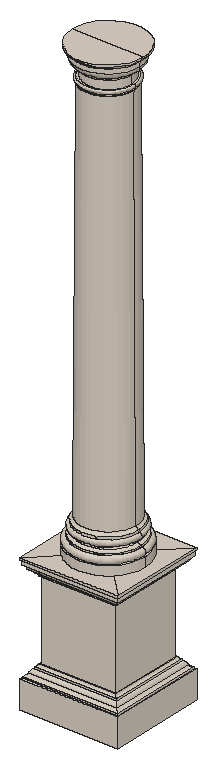
Revit family "Doric Order", category 기둥, Revit 2026
Family settings
  로드될 때 보이드를 사용하여 절단 = 아니오
  자동으로 형상을 벽에 결합합니다 = 예
  공유 = 아니오
  평면도에서 미리 절단된 패밀리 표시 = 예
Parameters (values of type "Base 650 x 650")
  Width = 65 cm
  Material = Masonry - Stone
  제조업체 = "Revit"
  키노트 = "F"
  Depth = 65 cm
Reference planes (cm)
  plane 1 "Centro A/I": y = 0
  plane 2: z = 0
  plane 3 "Centro S/D": x = -0.8378
  plane 4 "Sinistra": x = -33.3378
  plane 5 "Destra": x = 31.6622
  plane 6 "Indietro": y = 32.5
  plane 7 "Avanti": y = -32.5
  plane 8: z = 148
  plane 9: z = 490
  plane 10: y = 0
Forms (cm)
  Sweep 1, solid, material "Masonry - Stone" <- "Material"
    path origin (0, 0, 0) x (1, 0, 0) y (0, 1, 0)
      loop
        line (31.6622, -32.5) -> (31.6622, 32.5) -> (-33.3378, 32.5) -> (-33.3378, -32.5) -> (31.6622, -32.5)
    profile origin (0, 0, 0) x (-1, 0, 0) y (0, 0, 1)
      loop
        line (-1.6622, 0) -> (-1.6622, 119.6816) -> (-42.1622, 119.6816) -> (-42.1622, 117.6816) -> (-41.1622, 117.6816) -> (-41.1622, 113.6738) -> (-38.9043, 113.6738) -> (-38.9043, 112.1738)
        arc (-38.9043, 112.1738) -> (-37.8083, 109.5276) -> (-35.1622, 108.4316) r 3.7422
        line (-35.1622, 108.4316) -> (-35.1622, 106.9316)
        arc (-35.1622, 106.9316) -> (-33.2941, 106.5497) -> (-32.9122, 104.6816) r 1.7298
        line (-32.9122, 104.6816) -> (-31.6622, 104.6816) -> (-31.6622, 35.1816) -> (-32.9122, 35.1816)
        arc (-32.9122, 35.1816) -> (-33.5712, 33.5906) -> (-35.1622, 32.9316) r 2.25
        line (-35.1622, 32.9316) -> (-35.1622, 31.6816)
        arc (-35.1622, 31.6816) -> (-37.0914, 30.415) -> (-38.0772, 28.3283) r 4.2611
        arc (-38.0772, 28.3283) -> (-39.2426, 26.8318) -> (-40.9122, 25.9316) r 4.607
        line (-40.9122, 25.9316) -> (-40.9122, 24.6816) -> (-42.1622, 24.6816) -> (-42.1622, 0) -> (-1.6622, 0)
  Revolve 2, solid, material "Masonry - Stone" <- "Material"
    sketch origin (0, 0, 0) x (1, 0, 0) y (0, 0, 1)
      loop
        line (-0.8378, 149.5) -> (-0.8378, 119.6816) -> (31.6622, 119.6816) -> (31.6622, 127.6816) -> (28.5372, 127.6816)
        arc (28.5372, 127.6816) -> (31.6622, 130.8066) -> (28.5372, 133.9316) r 3.125
        line (28.5372, 133.9316) -> (28.0372, 133.9316) -> (28.0372, 135.1816)
        arc (28.0372, 135.1816) -> (26.1753, 135.6039) -> (24.655, 136.7587) r 4.5094
        arc (24.655, 136.7587) -> (24.5472, 138.2695) -> (25.9095, 138.9316) r 1.3515
        line (25.9095, 138.9316) -> (25.9095, 140.07)
        arc (25.9095, 140.07) -> (28.2153, 142.3758) -> (25.9095, 144.6816) r 2.3058
        line (25.9095, 144.6816) -> (25.9095, 146.6816)
        arc (25.9095, 146.6816) -> (23.9166, 147.5071) -> (23.0911, 149.5) r 2.8184
        line (23.0911, 149.5) -> (-0.8378, 149.5)
      axis (-0.8378, 149.5) -> (-0.8378, 119.6816)
    angle from 0 to 360
  Blend 3, solid, material "Masonry - Stone" <- "Material"
    base sketch origin (0, 0, 0) x (1, 0, 0) y (0, 1, 0)
      loop
        circle (-0.8378, 0) r 24.323
    top sketch origin (0, 0, 0) x (1, 0, 0) y (0, 1, 0)
      loop
        circle (-0.8378, 0) r 22.5092
    from 149.5 to 490
  Revolve 4, solid, material "Masonry - Stone" <- "Material"
    sketch origin (0, 0, 0) x (1, 0, 0) y (0, 0, 1)
      loop
        line (-0.8378, 490.9316) -> (21.6622, 490.9316) -> (21.6622, 492.2068)
        arc (21.6622, 492.2068) -> (22.8995, 493.4442) -> (21.6622, 494.6816) r 1.2374
        line (21.6622, 494.6816) -> (19.4122, 494.6816) -> (19.4122, 502.6816) -> (20.6622, 502.6816)
        arc (20.6622, 502.6816) -> (21.1691, 503.7473) -> (22.1306, 504.4316) r 2.3469
        line (22.1306, 504.4316) -> (22.1306, 505.4278)
        arc (22.1306, 505.4278) -> (25.5495, 507.3074) -> (26.6772, 511.0425) r 5.163
        line (26.6772, 511.0425) -> (27.1898, 511.0425) -> (27.1898, 515.4316) -> (27.6622, 515.4316)
        arc (27.6622, 515.4316) -> (28.0898, 516.3877) -> (28.9571, 516.9749) r 1.9115
        arc (28.9571, 516.9749) -> (29.4438, 517.51) -> (29.6639, 518.1991) r 1.7002
        line (29.6639, 518.1991) -> (30.6157, 518.1991) -> (30.6157, 519.6816) -> (-0.8378, 519.6816) -> (-0.8378, 490.9316)
      axis (-0.8378, 519.6816) -> (-0.8378, 490.9316)
    angle from 0 to 360
Lines and regions (cm)
  symbolic lines
    curve 1: line (-0.8378, 0, 0) -> (-0.8378, 0, 640)
Dimensions and locks (cm)
  equal spacing: plane 4 "Sinistra", plane 3 "Centro S/D", plane 5 "Destra"
  equal spacing: plane 7 "Avanti", plane 1 "Centro A/I", plane 6 "Indietro"
  "Width": plane 4 "Sinistra" to plane 5 "Destra"
  "Depth": plane 7 "Avanti" to plane 6 "Indietro"
  aligned and locked: level to Blend 3
Automatic sketch dimensions
  Sweep 1 sketch curve to plane 4 "Sinistra" = 0 cm
  Sweep 1 sketch curve to plane 5 "Destra" = 0 cm
  Sweep 1 sketch curve to plane 7 "Avanti" = 0 cm
  Sweep 1 sketch curve to plane 6 "Indietro" = 0 cm
  Sweep 1 sketch curve to profile plane = 0 cm
  Sweep 1 sketch curve to Sweep 1 sketch curve = 1.25 cm  (x4)
  profile plane to Sweep 1 sketch curve = 2.2133 cm
  Sweep 1 sketch curve to Sweep 1 sketch curve = 1.6051 cm
  Sweep 1 sketch curve to Sweep 1 sketch curve = 2.25 cm
  Sweep 1 sketch curve to Sweep 1 sketch curve = 0.6449 cm  (x2)
  Sweep 1 sketch curve to Sweep 1 sketch curve = 4.2017 cm
  Sweep 1 sketch curve to Sweep 1 sketch curve = 3.7422 cm
  Sweep 1 sketch curve to Sweep 1 sketch curve = 2.8349 cm
  Sweep 1 sketch curve to Sweep 1 sketch curve = 2.2578 cm
  Sweep 1 sketch curve to Sweep 1 sketch curve = 1 cm
  profile plane to Sweep 1 sketch curve = 10.5 cm
  Sweep 1 sketch curve to Sweep 1 sketch curve = 1.3048 cm
  Sweep 1 sketch curve to profile plane = 30 cm
  Sweep 1 sketch curve to Sweep 1 sketch curve = 24.6816 cm
  Sweep 1 sketch curve to Sweep 1 sketch curve = 1.6878 cm
  Sweep 1 sketch curve to Sweep 1 sketch curve = 2.3967 cm
  Sweep 1 sketch curve to Sweep 1 sketch curve = 69.5 cm
  Sweep 1 sketch curve to Sweep 1 sketch curve = 1.5 cm  (x2)
  Sweep 1 sketch curve to Sweep 1 sketch curve = 4.0078 cm
  Sweep 1 sketch curve to Sweep 1 sketch curve = 2 cm
  curve 1 to plane 3 "Centro S/D" = 0 cm
  curve 1 to level = 0 cm
  level to curve 1 = 150 cm
  Revolve 2 sketch curve to plane 3 "Centro S/D" = 0 cm  (x2)
  Revolve 2 sketch curve to plane 5 "Destra" = 0 cm
  Revolve 2 sketch curve to plane 8 = 1.5 cm
  plane 5 "Destra" to Revolve 2 sketch curve = 7.0072 cm
  Revolve 2 sketch curve to Revolve 2 sketch curve = 1.0626 cm
  Revolve 2 sketch curve to Revolve 2 sketch curve = 0.1919 cm
  Revolve 2 sketch curve to Revolve 2 sketch curve = 2.8184 cm
  Revolve 2 sketch curve to Revolve 2 sketch curve = 2.3195 cm
  Revolve 2 sketch curve to Revolve 2 sketch curve = 2.1715 cm
  Revolve 2 sketch curve to Revolve 2 sketch curve = 0.5 cm
  Revolve 2 sketch curve to Revolve 2 sketch curve = 2 cm
  Revolve 2 sketch curve to Revolve 2 sketch curve = 2.3058 cm
  Revolve 2 sketch curve to Revolve 2 sketch curve = 0.3793 cm
  Revolve 2 sketch curve to Revolve 2 sketch curve = 1.1384 cm
  Revolve 2 sketch curve to Revolve 2 sketch curve = 1.3378 cm
  Revolve 2 sketch curve to Revolve 2 sketch curve = 1.25 cm
  Revolve 2 sketch curve to Revolve 2 sketch curve = 3.125 cm
  plane 8 to Revolve 2 sketch curve = 28.3184 cm
  Revolve 2 sketch curve to Revolve 2 sketch curve = 8 cm
  Revolve 2 sketch curve to Revolve 2 sketch curve = 0 cm
  Blend 3 sketch curve to plane 1 "Centro A/I" = 0 cm  (x2)
  Blend 3 sketch curve to plane 3 "Centro S/D" = 0 cm  (x2)
  Blend 3 sketch curve to plane 4 "Sinistra" = 8.177 cm
  Blend 3 sketch curve to plane 4 "Sinistra" = 9.9908 cm
  Revolve 4 sketch curve to plane 3 "Centro S/D" = 0 cm  (x2)
  plane 5 "Destra" to Revolve 4 sketch curve = 12.25 cm
  Revolve 4 sketch curve to Revolve 4 sketch curve = 1.25 cm
  Revolve 4 sketch curve to Revolve 4 sketch curve = 0.875 cm
  level to Revolve 4 sketch curve = 2.2068 cm
  Revolve 4 sketch curve to Revolve 4 sketch curve = 2.25 cm
  Revolve 4 sketch curve to Revolve 4 sketch curve = 1.4684 cm
  Revolve 4 sketch curve to Revolve 4 sketch curve = 2.3047 cm
  plane 5 "Destra" to Revolve 4 sketch curve = 4.9849 cm
  Revolve 4 sketch curve to Revolve 4 sketch curve = 0.5126 cm
  Revolve 4 sketch curve to Revolve 4 sketch curve = 0.4723 cm
  Revolve 4 sketch curve to Revolve 4 sketch curve = 0.3092 cm
  Revolve 4 sketch curve to Revolve 4 sketch curve = 0.9857 cm
  Revolve 4 sketch curve to Revolve 4 sketch curve = 1.892 cm
  Revolve 4 sketch curve to Revolve 4 sketch curve = 0.7068 cm
  plane 5 "Destra" to Revolve 4 sketch curve = 1.0465 cm
  level to Revolve 4 sketch curve = 0.9316 cm
  Revolve 4 sketch curve to Revolve 4 sketch curve = 0 cm  (x2)
  Revolve 4 sketch curve to Revolve 4 sketch curve = 1.2374 cm
  Revolve 4 sketch curve to Revolve 4 sketch curve = 7.5572 cm
  Revolve 4 sketch curve to Revolve 4 sketch curve = 0.4428 cm
  Revolve 4 sketch curve to Revolve 4 sketch curve = 0.9962 cm
  Revolve 4 sketch curve to Revolve 4 sketch curve = 5.1288 cm
  Revolve 4 sketch curve to Revolve 4 sketch curve = 4.1165 cm
  Revolve 4 sketch curve to Revolve 4 sketch curve = 0.2726 cm
  Revolve 4 sketch curve to Revolve 4 sketch curve = 1.2242 cm
  Revolve 4 sketch curve to Revolve 4 sketch curve = 9.125 cm
